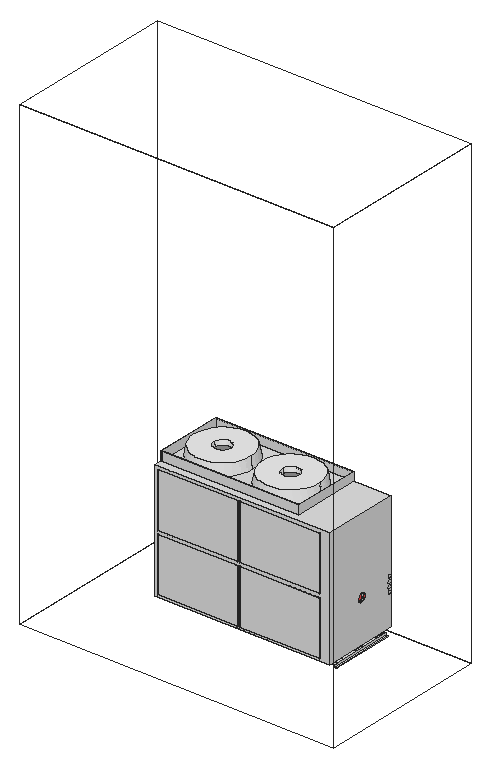
Revit family "HeatPump_AirToWater_Rheem_30kW_Vertical_LowGWP", category Mechanical Equipment, Revit 2021 (continued)
Definition of nested family "z_Rheem_Logo"
  Automatic sketch dimensions
    Extrusion 2 sketch curve to plane 1 "Center (Front/Back)" = 3.712 mm
    Extrusion 2 sketch curve to plane 1 "Center (Front/Back)" = 3.491 mm
    Extrusion 2 sketch curve to Extrusion 2 sketch curve = 0.117 mm
    Extrusion 2 sketch curve to Extrusion 2 sketch curve = 1.392 mm
    Extrusion 2 sketch curve to plane 1 "Center (Front/Back)" = 1.806 mm  (x2)
    Extrusion 2 sketch curve to plane 1 "Center (Front/Back)" = 1.594 mm
    Extrusion 2 sketch curve to Extrusion 2 sketch curve = 0.451 mm
    plane 1 "Center (Front/Back)" to Extrusion 2 sketch curve = 0.131 mm
    Extrusion 2 sketch curve to Extrusion 2 sketch curve = 1.719 mm
    Extrusion 2 sketch curve to Extrusion 2 sketch curve = 0.37 mm
    Extrusion 2 sketch curve to Extrusion 2 sketch curve = 4.839 mm
    plane 1 "Center (Front/Back)" to Extrusion 2 sketch curve = 8.079 mm
    plane 1 "Center (Front/Back)" to Extrusion 2 sketch curve = 8.097 mm
    Extrusion 2 sketch curve to Extrusion 2 sketch curve = 4.468 mm
    Extrusion 2 sketch curve to Extrusion 2 sketch curve = 16.886 mm
    Masking region 1 sketch curve to Masking region 1 sketch curve = 0 mm  (x15)
    plane 1 "Center (Front/Back)" to Masking region 1 sketch curve = 0 mm
    Masking region 1 sketch curve to plane 3 "Center (Left/Right)" = 0 mm
    plane 3 "Center (Left/Right)" to Masking region 1 sketch curve = 1.705 mm
    plane 3 "Center (Left/Right)" to Masking region 1 sketch curve = 2.029 mm
    Masking region 1 sketch curve to Masking region 1 sketch curve = 3.171 mm  (x2)
    plane 1 "Center (Front/Back)" to Masking region 1 sketch curve = 1.507 mm
    Masking region 1 sketch curve to Masking region 1 sketch curve = 0.154 mm  (x2)
    Masking region 1 sketch curve to Masking region 1 sketch curve = 1.536 mm
    plane 1 "Center (Front/Back)" to Masking region 1 sketch curve = 1.54 mm
    Masking region 1 sketch curve to Masking region 1 sketch curve = 2.561 mm  (x2)
    Masking region 1 sketch curve to plane 1 "Center (Front/Back)" = 1.152 mm
    Masking region 1 sketch curve to Masking region 1 sketch curve = 0.012 mm
    plane 1 "Center (Front/Back)" to Masking region 1 sketch curve = 3.629 mm
    Masking region 1 sketch curve to Masking region 1 sketch curve = 5.8 mm
    Masking region 1 sketch curve to Masking region 1 sketch curve = 0.291 mm
    Masking region 1 sketch curve to Masking region 1 sketch curve = 4.306 mm
    Masking region 1 sketch curve to plane 1 "Center (Front/Back)" = 5.275 mm
    Masking region 1 sketch curve to Masking region 1 sketch curve = 3.182 mm
    Masking region 1 sketch curve to Masking region 1 sketch curve = 0.011 mm
    Masking region 1 sketch curve to plane 1 "Center (Front/Back)" = 1.6 mm
    Masking region 1 sketch curve to Masking region 1 sketch curve = 4.336 mm
    Masking region 1 sketch curve to plane 1 "Center (Front/Back)" = 5.166 mm
    Masking region 1 sketch curve to Masking region 1 sketch curve = 2.666 mm
    Masking region 1 sketch curve to plane 1 "Center (Front/Back)" = 2.258 mm  (x2)
    Masking region 1 sketch curve to Masking region 1 sketch curve = 0.289 mm
    Masking region 1 sketch curve to Masking region 1 sketch curve = 4.377 mm
    Masking region 1 sketch curve to Masking region 1 sketch curve = 2.943 mm
    Masking region 1 sketch curve to plane 1 "Center (Front/Back)" = 1.414 mm
    Masking region 1 sketch curve to plane 3 "Center (Left/Right)" = 4.051 mm
    Masking region 1 sketch curve to Masking region 1 sketch curve = 0.044 mm
    plane 1 "Center (Front/Back)" to Masking region 1 sketch curve = 3.194 mm
    Masking region 1 sketch curve to plane 3 "Center (Left/Right)" = 7.321 mm
    Masking region 1 sketch curve to Masking region 1 sketch curve = 4.51 mm
    Masking region 1 sketch curve to Masking region 1 sketch curve = 4.142 mm
    Masking region 1 sketch curve to Masking region 1 sketch curve = 2.964 mm
    Masking region 1 sketch curve to Masking region 1 sketch curve = 0.948 mm
    Masking region 1 sketch curve to Masking region 1 sketch curve = 0.321 mm
    Masking region 1 sketch curve to Masking region 1 sketch curve = 1.809 mm
    Masking region 1 sketch curve to Masking region 1 sketch curve = 0.463 mm
    Masking region 1 sketch curve to Masking region 1 sketch curve = 4.721 mm
    plane 6 "Back" to Masking region 1 sketch curve = 6.464 mm
    Masking region 1 sketch curve to plane 3 "Center (Left/Right)" = 16.283 mm
    Masking region 1 sketch curve to Masking region 1 sketch curve = 3.399 mm
    Masking region 1 sketch curve to plane 1 "Center (Front/Back)" = 1.2 mm
    Masking region 1 sketch curve to Masking region 1 sketch curve = 12.536 mm
    plane 4 "Left" to Masking region 1 sketch curve = 11.183 mm
    plane 4 "Left" to Masking region 1 sketch curve = 11.17 mm
    Masking region 1 sketch curve to Masking region 1 sketch curve = 0.548 mm
    Masking region 1 sketch curve to Masking region 1 sketch curve = 1.699 mm
    Masking region 1 sketch curve to Masking region 1 sketch curve = 1.488 mm
    Masking region 1 sketch curve to Masking region 1 sketch curve = 1.692 mm
    Masking region 1 sketch curve to Masking region 1 sketch curve = 14.618 mm
    Masking region 1 sketch curve to Masking region 1 sketch curve = 0.891 mm
    Masking region 1 sketch curve to Masking region 1 sketch curve = 7.301 mm
    Masking region 1 sketch curve to Masking region 1 sketch curve = 1.651 mm
    Masking region 1 sketch curve to plane 1 "Center (Front/Back)" = 5.397 mm
    Masking region 1 sketch curve to plane 1 "Center (Front/Back)" = 3.718 mm
    Masking region 1 sketch curve to plane 1 "Center (Front/Back)" = 3.712 mm
    Masking region 1 sketch curve to plane 1 "Center (Front/Back)" = 3.491 mm
    Masking region 1 sketch curve to Masking region 1 sketch curve = 0.117 mm
    Masking region 1 sketch curve to Masking region 1 sketch curve = 1.392 mm
    Masking region 1 sketch curve to plane 1 "Center (Front/Back)" = 1.806 mm  (x2)
    Masking region 1 sketch curve to plane 1 "Center (Front/Back)" = 1.594 mm
    Masking region 1 sketch curve to Masking region 1 sketch curve = 0.451 mm
    plane 1 "Center (Front/Back)" to Masking region 1 sketch curve = 0.131 mm
    Masking region 1 sketch curve to Masking region 1 sketch curve = 1.719 mm
    Masking region 1 sketch curve to Masking region 1 sketch curve = 0.37 mm
    Masking region 1 sketch curve to Masking region 1 sketch curve = 4.839 mm
    plane 1 "Center (Front/Back)" to Masking region 1 sketch curve = 8.079 mm
    plane 1 "Center (Front/Back)" to Masking region 1 sketch curve = 8.097 mm
    Masking region 1 sketch curve to Masking region 1 sketch curve = 4.468 mm
    Masking region 1 sketch curve to Masking region 1 sketch curve = 16.886 mm
    radius of Extrusion 2 sketch curve = 43 mm
    radius of Masking region 1 sketch curve = 43 mm
Types (2, lengths in mm): name | Type Comments | Model | ManufacturerURLProductSpecific | ManufacturerSpecCode | FanFrame | Description
  Ducted (95203500) | "HeatPump - AirToWater - 35kW - Vertical - Ducted" | "95203500" | "https://www.rheem.com.au/rheem/products/Commercial/Commercial-Heat-Pumps/Rheem-Commercial-Air-To-Water-Heat-Pumps/Air-to-Water-%28A2W%29-35kW-Commercial-Heat-Pump--Ducted/p/95203500" | "95203500" | yes | "Rheem's Commercial Air to Water (A2W) Heat Pump is designed with the commercial user in mind. A truly commercial grade heat pump that delivers hot water up to 65°C with a system Coefficient of Performance (COP) up to 4.0 at 20°C ambient. Ducted models are designed to be connected to ducting to convey cold discharge air away from the heat pump air inlet if a sufficient supply of heat energy is not available in the installation area. Models are also available in vertical, horizontal and stackable options."
  Non Ducted (95303500) | "HeatPump - AirToWater - 35kW - Vertical - Non Ducted" | "95303500" | "https://www.rheem.com.au/rheem/products/Commercial/Commercial-Heat-Pumps/Rheem-Commercial-Air-To-Water-Heat-Pumps/Air-to-Water-%28A2W%29-35kW-Commercial-Heat-Pump--Non-Ducted/p/95303500" | "95303500" | no | "Rheem's Commercial Air to Water (A2W) Heat Pump is designed with the commercial user in mind. A truly commercial grade heat pump that delivers hot water up to 65°C with a system Coefficient of Performance (COP) up to 4.0 at 20°C ambient. Non ducted models are generally designed for outdoor installations. Non ducted models may be installed indoors, without ducting, if a sufficient supply of heat energy is available. Models are also available in vertical, horizontal and stackable options."
